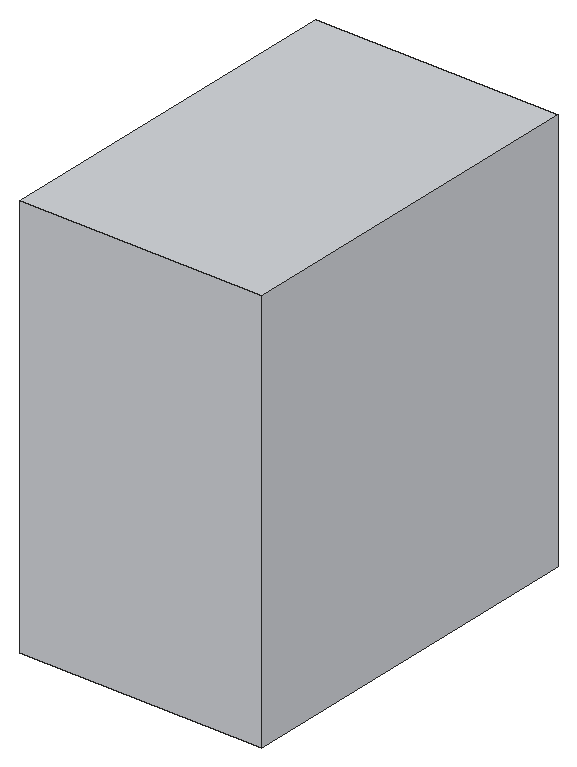
Revit family
Parameters
  Warranty Duration (Years) = 0
  Unit Width [instance] = 1' - 1"
  Unit Height [instance] = 4' - 7"
  Unit Depth = 0' - 0 15/16"
  URL = "http://www.americanspecialties.com/viewCategories.cfm"
  Trim Material = Metal - Stainless Steel
  Test Data = ""
  Specification = "http://www.arcat.com/sdspecs/htm/10810asi.htm"
  SpecWizard = ""
  Send Message = "http://www.arcat.com/users.pl?action=UserEmail&company=American%20Specialties,%20Inc.&coid=30448&rep=139&fax=914-476-0688&mf="
  Sales Information = "http://www.americanspecialties.com/contact"
  Revision = "R1_10-2010"
  Product Properties = "http://www.americanspecialties.com/datasheets/6467.pdf"
  Product Data = "http://www.arcat.com/arcatcos/cos30/arc30448.html"
  Model = "As Specified in 10 28 13"
  Manufacturer Website = "http://www.americanspecialties.com/viewCategories.cfm"
  Manufacturer Phone - Toll Free = ""
  Manufacturer Phone = "914-476-9000 "
  Manufacturer Fax = "914-476-0688"
  Manufacturer Address = "441 Saw Mill River Rd., Yonkers, NY 10701"
  Manufacturer = "American Specialties, Inc."
  Maintenance Schedule (Months) = 0
  Keynote = "10 28 13"
  Installation-Fabrication = "http://www.americanspecialties.com/products.cfm"
  Green Building-LEED = ""
  Expected Lifespan (Years) = 0
  Drawn By = "Robert S. Weygant. CSI, CDT, SCIP"  # constant formula
  Description = "Toilet Accessory as Specified in 10 28 13"
  Default Elevation = 4' - 0"
  Copyright = "©Arcat Inc."
  Construction Details = "http://www.arcat.com/green/clients/leed_data_30448.html"
  Building Codes = "http://www.americanspecialties.com/products.cfm"
  Body Material = Metal - Stainless Steel
  Assembly Code = "C1030210"
Reference planes (in)
  plane 1 "Center (Front/Back)": y = -0.29112
  plane 2 "Floor Line": z = 0
  plane 3 "Center (Left/Right)": x = -0.65843
Forms (in)
  Extrusion 1, solid
    sketch origin (-3, -9, -6) x (0, 0, -1) y (1, 0, 0)
      loop
        line (-82, 26) -> (-82, -19.34712) -> (-6, -19.34712) -> (-6, 26) -> (-82, 26)
    from 28.29112 to -41.06337
  Extrusion 2, solid, material "Metal - Stainless Steel" <- "Body Material"
    sketch origin (0, 4, 0) x (1, 0, 0) y (0, 1, 0)
      loop
        line (-6.15843, 22.20888) -> (-6.15843, -30.79112) -> (4.84157, -30.79112) -> (4.84157, 22.20888) -> (-6.15843, 22.20888)
    from 0 to -4.25
  Extrusion 3, solid, material "Metal - Stainless Steel" <- "Body Material"
    sketch origin (-0.90625, -0.29112, 0) x (1, 0, 0) y (0, 0, 1)
      loop
        line (-6.25218, 0) -> (6.74782, 0) -> (6.74782, 0.5) -> (-6.25218, 0.5) -> (-6.25218, 0)
    from -27.5 to 27.5
  Extrusion 4, void
    sketch origin (-0.65843, 6.5, 0) x (0, 1, 0) y (0, 0, 1)
      loop
        line (0.57356, -4.13447) -> (2.70888, 0) -> (2.70888, 0.9375) -> (-8.29112, 0.9375) -> (-8.29112, -4.13447) -> (0.57356, -4.13447)
    from -5.46875 to 5.46875
  Extrusion 5, void
    sketch origin (-0.65843, 4, 0) x (0, 1, 0) y (0, 0, 1)
      loop
        line (-5.79112, -0.03125) -> (-30.65864, -0.03125) -> (-30.65864, -4.13447) -> (-5.79112, -4.13447) -> (-5.79112, -0.03125)
    from -5.46875 to 5.46875
  Extrusion 6, void
    sketch origin (-34, 1.19043, 3.13751) x (1, 0, 0) y (0, 0.458881, 0.888498)
      loop
        arc (36.97904, -1.93126) -> (37.16013, -1.67833) -> (36.96657, -1.43482) r 0.2582
        line (36.96657, -1.43482) -> (36.21657, -1.43482)
        arc (36.21657, -1.43482) -> (33.34157, -0.76381) -> (30.46657, -1.43482) r 6.49463
        line (30.46657, -1.43482) -> (29.71657, -1.43482)
        arc (29.71657, -1.43482) -> (29.523, -1.67833) -> (29.70409, -1.93126) r 0.2582
        line (29.70409, -1.93126) -> (30.47904, -1.93126)
        arc (30.47904, -1.93126) -> (33.34157, -2.19871) -> (36.20409, -1.93126) r 15.45277
        line (36.20409, -1.93126) -> (36.97904, -1.93126)
    from -8.81412 to -8.56412
  Extrusion 7, void
    sketch origin (0, 0, 0) x (1, 0, 0) y (0, 1, 0)
      loop
        line (-6.15843, 26.20888) -> (-6.15843, -26.79112) -> (4.84157, -26.79112) -> (4.84157, 26.20888) -> (-6.15843, 26.20888)
    from 0 to -4.25
  Extrusion 8, solid, material "Metal - Stainless Steel" <- "Trim Material"
    sketch origin (0, 0, -0.4375) x (1, 0, 0) y (0, 1, 0)
      loop
        circle (-5.15843, -18.79112) r 0.5
      loop
        line (-5.21525, -18.37247) -> (-5.21525, -19.22198) -> (-5.10162, -19.22198) -> (-5.10162, -18.37247) -> (-5.21525, -18.37247)
      loop
        circle (-5.15843, 18.20888) r 0.5
      loop
        line (-5.21525, 17.79024) -> (-5.10162, 17.79024) -> (-5.10162, 18.63975) -> (-5.21525, 18.63975) -> (-5.21525, 17.79024)
    from 0.9375 to 1
Cuts and joins
  Extrusion 4, Extrusion 5, Extrusion 6 cuts Extrusion 2
  Extrusion 4 cuts Extrusion 3
Dimensions and locks (in)
  Extrusion 3 sketch curve to Extrusion 3 sketch curve = 1' - 1"
  aligned and locked: Extrusion 1 to level
  aligned and locked: cut or joined group of Extrusion 2, Extrusion 4, Extrusion 5, Extrusion 6 to cut or joined group of Extrusion 3, Extrusion 4
  aligned and locked: Extrusion 8 to cut or joined group of Extrusion 3, Extrusion 4
